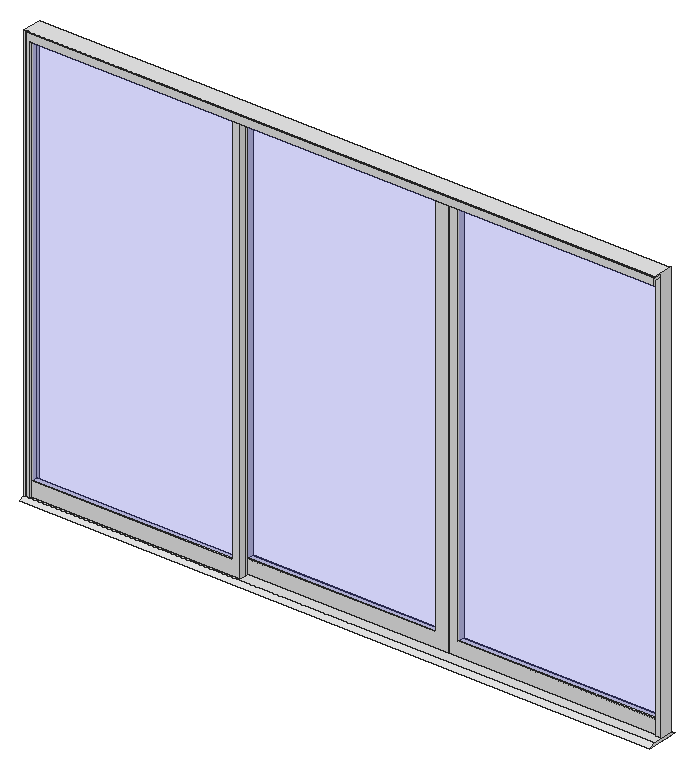
Revit family "Door-Sliding-Kawneer-1010_Mall_Front-OXO", category Doors, host Wall, Revit 2015
Parameters (values of type "12'x8' - 1" Glazing")
  Wall Thickness [instance] = 1' - 5"
  URL = "http://www.kawneer.com/kawneer/en/home.asp"
  Type Comments = "1\" Glazing"
  Threshold Material = Aluminum - Kawneer - Clear
  Threshold Height = 0' - 0 19/32"  # constant formula
  Thickness = 0' - 1 1/2"  # constant formula
  Shim Space = 0' - 0 1/4"
  Product data url = "https://bimobject.com/kawneerna/product/20681"
  Product Page URL = "http://www.kawneer.com/kawneer/north_america/en/bim.asp?prod_id=1846"
  Product Documentation Link = "http://www.kawneer.com/kawneer/north_america/en/product_related_doc.asp?prod_id=1846&doc_id=114"
  Percent Open [instance] = 0
  Panel Width Fixed = ((Width - 0' 0 3/16" - 0' 0 3/16") / 3) + 0' 0 13/16"  # 4' - 0 11/16"
  Panel Width = Width / 3  # 4' - 0"
  Panel Open Percent [instance] = if(Percent Open < 99, ((Panel Width Fixed - 0' 1 3/4") * ((100 - Percent Open) / 100)), Frame Jamb Width - 0' 0 3/16")  # 3' - 10 15/16"
  Panel Glazing Material [instance] = Glass - Kawneer - Clear
  Panel Finish [instance] = Aluminum - Kawneer - Clear
  Model = "1010 Sliding Mall Front"
  Manufacturer = "Kawneer"  # constant formula
  Intermediate Rail Height = 2' - 6"
  Height = 8' - 0"
  Has Intermediate Rail [instance] = no
  Glazing Thickness = 0' - 1"
  Function = Interior
  Frame Jamb Width = 0' - 1"  # constant formula
  Frame Inset [instance] = 0' - 0"
  Frame Head Width = 0' - 1 3/8"  # constant formula
  Frame Finish [instance] = Aluminum - Kawneer - Clear
  Wall Closure = By host
  Width = 12' - 0"
  Frame Depth = 0' - 4 17/32"  # constant formula
  Existing [instance] = no
  Description = "Sliding OXO"
  Copyright © = "2013 Kawneer"  # constant formula
  CTRL Wall Thickness [instance] = if(1 = 1, Wall Thickness, 1' 0")  # 1' - 5"
  CTRL Panel Height = Height - 0' 0 3/4" - Threshold Height  # 7' - 10 21/32"
  CTRL Panel Offset Left [instance] = if(1 = 1, Panel Width Fixed - 0' 1 3/4", 1' 0")  # 3' - 10 15/16"
  CTRL Offset [instance] = if(Frame Inset < 0' 0", Frame Inset - Frame Inset - Frame Inset, 0' 0")  # 0' - 0"
  CTRL Inset [instance] = if(Frame Inset < 0' 0", 0' 0", Frame Inset)  # 0' - 0"
  CTRL Frame Sides Depth [instance] = 0' - 2 15/32"  # constant formula
  Assembly Code = "C1020110"
  Appear In Schedule = 0 = 0  # yes
Types (3): name | Type Comments | Glazing Thickness
  (no name) | "1\" Glazing" | 0' - 1"
  12'x8' - 1/4" Glazing | "1/4\" Glazing" | 0' - 0 1/4"
  12'x8' - 1" Glazing | "1\" Glazing" | 0' - 1"
Reference planes (in)
  plane 1 "Center (Front/Back)": y = 0
  plane 2 "Bottom": z = 0
  plane 3 "Center (Left/Right)": x = 0
  plane 4 "Top": z = 96
  plane 5 "Strike": x = -72
  plane 6 "Hinge": x = 72
  plane 7 "Wall Edge Exterior": y = 8.5
  plane 8 "Wall Edge Interior": y = -8.5
  plane 9 "Frame Inset": y = -2.26562
  plane 10 "Frame Offset": y = 0
  plane 11 "Operating Panel 1 L": x = -24.875
  plane 12 "Fixed Panel Right": x = 71.8125
  plane 13 "Fixed Panel Center": y = -1.03125
  plane 14 "Opening Right": x = 72.25
  plane 15 "Opening Left": x = -72.25
  plane 16 "Frame Right": x = 71
  plane 17 "Frame Left": x = -71
  plane 18 "Frame Head": z = 94.625
  plane 19 "Frame Exterior": y = 2.26563
  plane 20 "Exterior Frame Depth": y = -0.20312
  plane 21 "Interior Frame Depth": y = 0.20313
  plane 22 "Lock Jamb Panel Center": y = -1.03125
  plane 23 "Active Panel Center F/B": y = 1.03125
  plane 24 "Threshold Height": z = 0.59375
  plane 25 "Threshold Exterior": y = 3.51563
  plane 26 "Threshold Interior": y = -3.51562
  plane 27 "Frame Center F/B": y = 0
  plane 28 "Fixed Panel Left": x = -71.8125
  plane 29 "Opening Top": z = 96.25
Forms (in)
  Sweep 1, solid, material "Aluminum - Kawneer - Clear" <- "Frame Finish"
    path origin (0, 0, 0) x (1, 0, 0) y (0, 0, 1)
      loop
        line (0, 0.59375) -> (0, 96)
    profile origin (0, 0, 48.29687) x (-1, 0, 0) y (0, -1, 0)
      loop
        line (71, -0.20313) -> (72, -0.20313) -> (72, 2.26562) -> (71, 2.26562) -> (71, 1.89062) -> (71.8125, 1.89062) -> (71.8125, 0.17187) -> (71, 0.17187) -> (71, -0.20313)
      loop
        line (-71, -2.26563) -> (-71, -1.89063) -> (-71.8125, -1.89063) -> (-71.8125, -0.17188) -> (-71, -0.17188) -> (-71, 0.20312) -> (-72, 0.20312) -> (-72, -2.26563) -> (-71, -2.26563)
  Sweep 2, solid, material "Aluminum - Kawneer - Clear" <- "Threshold Material"
    path origin (0, 0, 0) x (1, 0, 0) y (0, 0, 1)
      loop
        line (-72.25, 0.59375) -> (72.25, 0.59375)
    profile origin (0, 0, 0.59375) x (0, 0, 1) y (0, -1, 0)
      loop
        line (-0.59375, 3.51562) -> (-0.59375, -3.51563) -> (0, -2.26563) -> (0, 2.26562) -> (-0.59375, 3.51562)
  Sweep 3, solid, material "Aluminum - Kawneer - Clear" <- "Frame Finish"
    path origin (0, 0, 0) x (1, 0, 0) y (0, 0, 1)
      loop
        line (-72, 94.625) -> (72, 94.625)
    profile origin (0, 0, 94.625) x (0, 0, 1) y (0, -1, 0)
      loop
        line (-0.34375, 2.26562) -> (-0.34375, 1.89062) -> (0.625, 1.89062) -> (0.625, 0.20312) -> (0, 0.20312) -> (0, -0.17188) -> (0.625, -0.17188) -> (0.625, -1.89063) -> (0, -1.89063) -> (0, -2.26563) -> (1.375, -2.26563) -> (1.375, 2.26562) -> (-0.34375, 2.26562)
  Sweep 4, solid, material "Silicone - Kawneer - Gray"
    path origin (0, 0, 0) x (-1, 0, 0) y (0, 0, 1)
      loop
        line (72.25, 96) -> (-72.25, 96)
    profile "Shim-Kawneer-Profile-2D : Top" origin (0, 0, 96) x (0, 0, -1) y (0, 1, 0)
      loop
        line (-0.25, -2.25) -> (0, -2.125) -> (0, 2.125) -> (-0.25, 2.25) -> (-0.25, -2.25)
  Sweep 5, solid, material "Silicone - Kawneer - Gray"
    path origin (0, 1.03125, 0) x (-1, 0, 0) y (0, 0, 1)
      loop
        line (-72, 0) -> (-72, 96.25)
    profile "Shim-Kawneer-Profile-2D : Side" origin (72, 1.03125, 48.125) x (1, 0, 0) y (0, 1, 0)
      loop
        line (0.25, 1.35938) -> (0, 1.23438) -> (0, -1.23437) -> (0.25, -1.35937) -> (0.25, 1.35938)
  Sweep 6, solid, material "Silicone - Kawneer - Gray"
    path origin (0, -1.03125, 0) x (-1, 0, 0) y (0, 0, 1)
      loop
        line (72, 0) -> (72, 96.25)
    profile "Shim-Kawneer-Profile-2D : Side" origin (-72, -1.03125, 48.125) x (1, 0, 0) y (0, 1, 0)
      loop
        line (-0.25, 1.35938) -> (-0.25, -1.35937) -> (0, -1.23437) -> (0, 1.23438) -> (-0.25, 1.35938)
Cuts and joins
  joined: Sweep 1, Sweep 3
  joined: Sweep 4, Sweep 5, Sweep 6
Lines and regions (in)
  Opening 1
    outline origin (-60, -8.5, 0) x (1, 0, 0) y (0, 0, 1)
      loop
        line (-12.25, 96.25) -> (-12.25, 0) -> (132.25, 0) -> (132.25, 96.25) -> (-12.25, 96.25)
  Masking region 1, detail levels medium+fine
    outline origin (0, 0, 0.59375) x (-1, 0, 0) y (0, -1, 0)
      loop
        line (-71, -2.26563) -> (-71, -1.89063) -> (-71.8125, -1.89063) -> (-71.8125, -0.17188) -> (-71, -0.17188) -> (-71, 0.20312) -> (-72, 0.20312) -> (-72, -2.26563) -> (-71, -2.26563)
      loop
        line (71, -0.20313) -> (72, -0.20313) -> (72, 2.26562) -> (71, 2.26562) -> (71, 1.89062) -> (71.8125, 1.89062) -> (71.8125, 0.17187) -> (71, 0.17187) -> (71, -0.20313)
  Masking region 2, detail levels coarse
    outline origin (-0.8125, -0.08398, 0.59375) x (-1, 0, 0) y (0, -1, 0)
      loop
        line (70.1875, -0.2871) -> (71.1875, -0.2871) -> (71.1875, 2.18165) -> (70.1875, 2.18165) -> (70.1875, -0.2871)
      loop
        line (-71.8125, -2.3496) -> (-71.8125, 0.11915) -> (-72.8125, 0.11915) -> (-72.8125, -2.3496) -> (-71.8125, -2.3496)
  Masking region 3
    outline origin (-1.48472, -0.2871, 0.59375) x (-1, 0, 0) y (0, -1, 0)
      loop
        line (70.51528, -0.49023) -> (70.76528, -0.49023) -> (70.76528, 1.97852) -> (70.51528, 1.97852) -> (70.51528, -0.49023)
      loop
        line (-73.48472, -2.55273) -> (-73.48472, -0.08398) -> (-73.73472, -0.08398) -> (-73.73472, -2.55273) -> (-73.48472, -2.55273)
Text (in)
  text "EXTERIOR" at (-58.6888, 50.90694, 0), in view "Ref. Level"
  text "INTERIOR" at (-58.6888, -37.76638, 0), in view "Ref. Level"
  text "Exterior" at (0, 43.65631, 123.19604), in view "Left"
  text "Exterior" at (0, 18.29385, 125.04747), in view "Right"
Dimensions and locks (in)
  "Width": plane 5 "Strike" to plane 6 "Hinge"
  locked: plane 7 "Wall Edge Exterior" to host wall at 0
  "Wall Thickness": host wall to host wall
  "CTRL Wall Thickness": plane 7 "Wall Edge Exterior" to plane 8 "Wall Edge Interior"
  equal spacing: host wall, plane 1 "Center (Front/Back)", host wall
  equal spacing: plane 5 "Strike", plane 3 "Center (Left/Right)", plane 6 "Hinge"
  "Height": plane 4 "Top" to plane 2 "Bottom"
  "CTRL Offset": plane 10 "Frame Offset" to plane 1 "Center (Front/Back)"
  "Shim Space": plane 6 "Hinge" to plane 14 "Opening Right"
  "Shim Space": plane 15 "Opening Left" to plane 5 "Strike"
  "Frame Jamb Width": plane 5 "Strike" to plane 17 "Frame Left"
  "Frame Jamb Width": plane 16 "Frame Right" to plane 6 "Hinge"
  "Frame Head Width": plane 4 "Top" to plane 18 "Frame Head"
  "Frame Depth": plane 19 "Frame Exterior" to plane 9 "Frame Inset"
  "CTRL Frame Sides Depth": plane 19 "Frame Exterior" to plane 20 "Exterior Frame Depth"
  "CTRL Frame Sides Depth": plane 21 "Interior Frame Depth" to plane 9 "Frame Inset"
  equal spacing: plane 21 "Interior Frame Depth", plane 13 "Fixed Panel Center", plane 9 "Frame Inset"
  locked: plane 23 "Active Panel Center F/B" to plane 22 "Lock Jamb Panel Center" at 2.0625
  equal spacing: plane 19 "Frame Exterior", plane 23 "Active Panel Center F/B", plane 20 "Exterior Frame Depth"
  "Threshold Height": plane 24 "Threshold Height" to plane 2 "Bottom"
  locked: plane 9 "Frame Inset" to plane 26 "Threshold Interior" at 1.25
  locked: plane 25 "Threshold Exterior" to plane 19 "Frame Exterior" at 1.25
  locked: Sweep 3 sketch curve to plane 4 "Top" at 1.71875
  locked: plane 12 "Fixed Panel Right" to plane 6 "Hinge" at 0.1875
  "CTRL Inset": plane 10 "Frame Offset" to plane 27 "Frame Center F/B"
  equal spacing: plane 19 "Frame Exterior", plane 27 "Frame Center F/B", plane 9 "Frame Inset"
  locked: plane 5 "Strike" to plane 28 "Fixed Panel Left" at 0.1875
  "Panel Open Percent": plane 28 "Fixed Panel Left" to plane 11 "Operating Panel 1 L"
  locked: Sweep 3 sketch curve to Sweep 3 sketch curve at 0.375
  locked: Sweep 3 sketch curve to plane 4 "Top" at 0.75
  locked: Masking region 1 sketch curve to plane 21 "Interior Frame Depth" at 0.375
  locked: Masking region 1 sketch curve to plane 9 "Frame Inset" at 0.375
  locked: plane 21 "Interior Frame Depth" to Sweep 1 sketch curve at 0.375
  locked: Sweep 1 sketch curve to plane 9 "Frame Inset" at 0.375
  locked: Masking region 1 sketch curve to plane 20 "Exterior Frame Depth" at 0.375
  locked: plane 19 "Frame Exterior" to Masking region 1 sketch curve at 0.375
  locked: Sweep 1 sketch curve to plane 20 "Exterior Frame Depth" at 0.375
  locked: plane 19 "Frame Exterior" to Sweep 1 sketch curve at 0.375
  locked: Sweep 3 sketch curve to Sweep 3 sketch curve at 1.71875
  locked: Sweep 3 sketch curve to plane 19 "Frame Exterior" at 0.375
  "Shim Space": plane 29 "Opening Top" to plane 4 "Top"
  aligned and locked: level to plane 2 "Bottom"
  aligned and locked: Opening 1 sketch curve to plane 15 "Opening Left"
  aligned and locked: Opening 1 sketch curve to plane 14 "Opening Right"
  aligned and locked: Opening 1 sketch curve to plane 2 "Bottom"
  aligned and locked: plane 3 "Center (Left/Right)" to Sweep 1 sketch curve
  aligned and locked: plane 24 "Threshold Height" to Sweep 1 sketch curve
  aligned and locked: Sweep 2 sketch curve to plane 24 "Threshold Height"  (x2)
  aligned and locked: plane 2 "Bottom" to Sweep 2 sketch curve
  aligned and locked: plane 25 "Threshold Exterior" to Sweep 2 sketch curve
  aligned and locked: plane 19 "Frame Exterior" to Sweep 2 sketch curve
  aligned and locked: plane 26 "Threshold Interior" to Sweep 2 sketch curve
  aligned and locked: plane 9 "Frame Inset" to Sweep 2 sketch curve
  aligned and locked: plane 6 "Hinge" to Sweep 3 sketch curve
  aligned and locked: plane 5 "Strike" to Sweep 3 sketch curve
  aligned and locked: Sweep 3 sketch curve to plane 18 "Frame Head"
  aligned and locked: plane 4 "Top" to Sweep 3 sketch curve
  aligned and locked: plane 9 "Frame Inset" to Sweep 3 sketch curve
  aligned and locked: Sweep 3 sketch curve to plane 19 "Frame Exterior"
  aligned and locked: plane 18 "Frame Head" to Sweep 3 sketch curve  (x2)
  aligned and locked: plane 4 "Top" to Sweep 1 sketch curve
  aligned and locked: nested 1 to plane 12 "Fixed Panel Right"
  aligned and locked: plane 5 "Strike" to Masking region 1 sketch curve
  aligned and locked: Masking region 1 sketch curve to plane 17 "Frame Left"  (x2)
  aligned and locked: plane 16 "Frame Right" to Masking region 1 sketch curve  (x2)
  aligned and locked: Masking region 2 sketch curve to plane 17 "Frame Left"
  aligned and locked: plane 5 "Strike" to Masking region 2 sketch curve
  aligned and locked: Masking region 2 sketch curve to plane 6 "Hinge"
  aligned and locked: plane 16 "Frame Right" to Masking region 2 sketch curve
  aligned and locked: Masking region 1 sketch curve to plane 6 "Hinge"
  aligned and locked: Masking region 1 sketch curve to plane 12 "Fixed Panel Right"
  aligned and locked: nested 3 to plane 28 "Fixed Panel Left"
  aligned and locked: plane 11 "Operating Panel 1 L" to nested 2
  aligned and locked: Sweep 3 sketch curve to Sweep 3 sketch curve
  aligned and locked: nested 2 to plane 23 "Active Panel Center F/B"
  aligned and locked: nested 3 to plane 22 "Lock Jamb Panel Center"
  aligned and locked: Masking region 2 sketch curve to plane 9 "Frame Inset"
  aligned and locked: plane 21 "Interior Frame Depth" to Masking region 2 sketch curve
  aligned and locked: Masking region 1 sketch curve to plane 9 "Frame Inset"
  aligned and locked: plane 21 "Interior Frame Depth" to Masking region 1 sketch curve
  aligned and locked: plane 28 "Fixed Panel Left" to Masking region 1 sketch curve
  aligned and locked: Sweep 1 sketch curve to plane 6 "Hinge"
  aligned and locked: Sweep 1 sketch curve to plane 12 "Fixed Panel Right"
  aligned and locked: plane 16 "Frame Right" to Sweep 1 sketch curve  (x2)
  aligned and locked: plane 21 "Interior Frame Depth" to Sweep 1 sketch curve
  aligned and locked: plane 5 "Strike" to Sweep 1 sketch curve
  aligned and locked: Sweep 1 sketch curve to plane 9 "Frame Inset"
  aligned and locked: Sweep 1 sketch curve to plane 17 "Frame Left"  (x2)
  aligned and locked: plane 28 "Fixed Panel Left" to Sweep 1 sketch curve
  aligned and locked: plane 20 "Exterior Frame Depth" to Masking region 2 sketch curve
  aligned and locked: Masking region 2 sketch curve to plane 19 "Frame Exterior"
  aligned and locked: Masking region 1 sketch curve to plane 19 "Frame Exterior"
  aligned and locked: plane 20 "Exterior Frame Depth" to Masking region 1 sketch curve
  aligned and locked: Sweep 1 sketch curve to plane 19 "Frame Exterior"
  aligned and locked: plane 20 "Exterior Frame Depth" to Sweep 1 sketch curve
  aligned and locked: nested 1 to plane 23 "Active Panel Center F/B"
  aligned and locked: Opening 1 sketch curve to plane 29 "Opening Top"
  aligned and locked: plane 4 "Top" to Sweep 4 sketch curve
  aligned and locked: plane 15 "Opening Left" to Sweep 4 sketch curve
  aligned and locked: plane 14 "Opening Right" to Sweep 4 sketch curve
  aligned and locked: plane 29 "Opening Top" to Sweep 5 sketch curve
  aligned and locked: Sweep 5 sketch curve to plane 2 "Bottom"
  aligned and locked: plane 6 "Hinge" to Sweep 5 sketch curve
  aligned and locked: Sweep 6 sketch curve to plane 5 "Strike"
  aligned and locked: plane 2 "Bottom" to Sweep 6 sketch curve
  aligned and locked: plane 29 "Opening Top" to Sweep 6 sketch curve
  aligned and locked: plane 14 "Opening Right" to Sweep 2 sketch curve
  aligned and locked: plane 15 "Opening Left" to Sweep 2 sketch curve
  aligned and locked: plane 21 "Interior Frame Depth" to Masking region 3 sketch curve
  aligned and locked: Masking region 3 sketch curve to plane 9 "Frame Inset"
  aligned and locked: Masking region 3 sketch curve to plane 5 "Strike"
  aligned and locked: plane 15 "Opening Left" to Masking region 3 sketch curve
  aligned and locked: Masking region 3 sketch curve to plane 14 "Opening Right"
  aligned and locked: Masking region 3 sketch curve to plane 19 "Frame Exterior"
  aligned and locked: plane 20 "Exterior Frame Depth" to Masking region 3 sketch curve
  aligned and locked: plane 6 "Hinge" to Masking region 3 sketch curve
Automatic sketch dimensions
  Sweep 3 sketch curve to Sweep 3 sketch curve = 0' - 0 3/8"
  Masking region 1 sketch curve to plane 12 "Fixed Panel Right" = 0' - 0"
Nested families (in)
  nested 1: "Panel-Sliding-Kawneer-1010" at (47.46875, 1.03125, 0.59375), built-in parameter 1001364 <- "Threshold Height", Height <- "CTRL Panel Height", Width <- "Panel Width Fixed", Has Intermediate Rail <- "Has Intermediate Rail", Panel Material <- "Panel Finish", Glazing Material <- "Panel Glazing Material", Thickness <- "Thickness", Rail Intermediate Height <- "Intermediate Rail Height", Glazing Thickness <- "Glazing Thickness", type "2" Stile - Fixed Jamb"
    with Width 4' - 0 11/16", Thickness 0' - 1 1/2", Rail Intermediate Height 2' - 6", Panel Material Aluminum - Kawneer - Clear, Opens Right no, Opens Left no, Height 7' - 10 21/32", Has Intermediate Rail no, Glazing Thickness 0' - 1", Glazing Material Glass - Kawneer - Clear, CTRL Rail Intermediate Height 2' - 6", CTRL Rail Intermediate 0' - 0", CTRL Open Arrow no, Stile Right 0' - 0 13/16", Stile Left 0' - 2 1/16", Rail Head 0' - 1 1/8", Rail Bottom 0' - 3 1/4"
  nested 2: "Panel-Sliding-Kawneer-1010" at (-0.875, 1.03125, 0.59375), built-in parameter 1001364 <- "Threshold Height", Height <- "CTRL Panel Height", Width <- "Panel Width", Has Intermediate Rail <- "Has Intermediate Rail", Panel Material <- "Panel Finish", Glazing Material <- "Panel Glazing Material", Thickness <- "Thickness", Rail Intermediate Height <- "Intermediate Rail Height", Glazing Thickness <- "Glazing Thickness", type "L-F Interlock - 3" Stile"
    with Width 4' - 0", Thickness 0' - 1 1/2", Rail Intermediate Height 2' - 6", Panel Material Aluminum - Kawneer - Clear, Opens Right no, Opens Left yes, Height 7' - 10 21/32", Has Intermediate Rail no, Glazing Thickness 0' - 1", Glazing Material Glass - Kawneer - Clear, CTRL Rail Intermediate Height 2' - 6", CTRL Rail Intermediate 0' - 0", CTRL Open Arrow yes, Stile Right 0' - 3 1/16", Rail Head 0' - 1 1/8", Rail Bottom 0' - 3 1/4", Has Interlock Front Left yes
  nested 3: "Panel-Sliding-Kawneer-1010" at (-47.46875, -1.03125, 0.59375), built-in parameter 1001364 <- "Threshold Height", Height <- "CTRL Panel Height", Width <- "Panel Width Fixed", Has Intermediate Rail <- "Has Intermediate Rail", Panel Material <- "Panel Finish", Glazing Material <- "Panel Glazing Material", Thickness <- "Thickness", Rail Intermediate Height <- "Intermediate Rail Height", Glazing Thickness <- "Glazing Thickness", type "Fixed Jamb - R-B Interlock"
    with Width 4' - 0 11/16", Thickness 0' - 1 1/2", Rail Intermediate Height 2' - 6", Panel Material Aluminum - Kawneer - Clear, Opens Right no, Opens Left no, Height 7' - 10 21/32", Has Intermediate Rail no, Glazing Thickness 0' - 1", Glazing Material Glass - Kawneer - Clear, CTRL Rail Intermediate Height 2' - 6", CTRL Rail Intermediate 0' - 0", CTRL Open Arrow no, Stile Left 0' - 0 13/16", Rail Head 0' - 1 1/8", Rail Bottom 0' - 3 1/4", Has Interlock Back Right yes
Definition of nested family "Panel-Sliding-Kawneer-1010"
  Parameters
    Width [instance] = 3' - 0"
    Thickness [instance] = 0' - 1 1/2"
    Stile Right = 0' - 1 3/4"
    Stile Left = 0' - 1 3/4"
    Rail Intermediate Height [instance] = 2' - 6"
    Rail Intermediate = 0' - 1 3/4"
    Rail Head = 0' - 3"
    Rail Bottom = 0' - 7"
    Panel Material [instance] = none
    Opens Right [instance] = no
    Opens Left [instance] = no
    Manufacturer = "Kawneer"  # constant formula
    Height [instance] = 7' - 0"
    Has Intermediate Rail [instance] = no
    Has Interlock Front Right = no
    Has Interlock Front Left = no
    Has Interlock Back Right = no
    Has Interlock Back Left = no
    Glazing Thickness [instance] = 0' - 0 1/4"
    Glazing Material [instance] = none
    Description = "Storefront Mall Sliding 1010 Panel"  # constant formula
    CTRL Rail Intermediate Height [instance] = if(Height < Rail Intermediate Height, Height / 2, Rail Intermediate Height)  # 2' - 6"
    CTRL Rail Intermediate [instance] = if(Has Intermediate Rail, Rail Intermediate, 0' 0")  # 0' - 0"
    CTRL Open Arrow [instance] = or(Opens Right, Opens Left)  # no
  Reference planes (in)
    plane 1 "Center (Front/Back)": y = 0
    plane 2 "Original Bottom": z = 0
    plane 3 "Center (Left/Right)": x = 0
    plane 4 "Back": y = 0.75
    plane 5 "Front": y = -0.75
    plane 6 "Left": x = -18
    plane 7 "Right": x = 18
    plane 8: z = 84
    plane 9 "Left Stile R": x = -16.25
    plane 10 "Right Stile L": x = 16.25
    plane 11 "Head Rail B": z = 81
    plane 12 "Bottom Rail T": z = 7
    plane 13 "Glazing Back": y = 0.125
    plane 14 "Glazing Front": y = -0.125
    plane 15 "Interlock Front": y = -1.25
    plane 16 "Interlock Back": y = 1.25
    plane 17 "Right Interlock Center": x = 17.125
    plane 18 "Left Interlock Center": x = -17.125
    plane 19 "Intermediate Top": z = 31.75
    plane 20 "Intermediate Glass Top": z = 31.75
    plane 21 "Intermediate Bottom": z = 30
    plane 22 "Center Elevation": z = 42
  Forms (in)
    Sweep 1, solid, material <- "Panel Material"
      path origin (0, 0, 0) x (1, 0, 0) y (0, 1, 0)
        loop
          line (0, -0.75) -> (0, 0.75)
      profile origin (0, 0, 0) x (-1, 0, 0) y (0, 0, 1)
        loop
          line (18, 84) -> (-18, 84) -> (-18, 0) -> (18, 0) -> (18, 84)
        loop
          line (16.25, 81) -> (-16.25, 81) -> (-16.25, 7) -> (16.25, 7) -> (16.25, 81)
    Extrusion 2, solid, material <- "Glazing Material"
      sketch origin (0, 0, 0) x (1, 0, 0) y (0, 0, 1)
        loop
          line (-16.25, 81) -> (-16.25, 31.75) -> (16.25, 31.75) -> (16.25, 81) -> (-16.25, 81)
      from -0.125 to 0.125
    Sweep 3, solid, material <- "Panel Material", visible <- "Has Interlock Back Right", detail levels medium+fine
      path origin (0, 0.75, 0) x (-1, 0, 0) y (0, 0, 1)
        loop
          line (-17.125, 0) -> (-17.125, 84)
      profile origin (17.125, 0.75, 42) x (1, 0, 0) y (0, 1, 0)
        loop
          line (0, 0.5) -> (0, 0) -> (0.875, 0) -> (0.875, 0.5) -> (0, 0.5)
    Sweep 4, solid, material <- "Panel Material", visible <- "Has Interlock Back Left", detail levels medium+fine
      path origin (0, 0.75, 0) x (1, 0, 0) y (0, 0, 1)
        loop
          line (-17.125, 0) -> (-17.125, 84)
      profile origin (-17.125, 0.75, 42) x (1, 0, 0) y (0, 1, 0)
        loop
          line (0, 0.5) -> (-0.875, 0.5) -> (-0.875, 0) -> (0, 0) -> (0, 0.5)
    Sweep 5, solid, material <- "Panel Material", visible <- "Has Interlock Front Left", detail levels medium+fine
      path origin (0, -0.75, 0) x (-1, 0, 0) y (0, 0, 1)
        loop
          line (17.125, 0) -> (17.125, 84)
      profile origin (-17.125, -0.75, 42) x (1, 0, 0) y (0, 1, 0)
        loop
          line (-0.875, 0) -> (-0.875, -0.5) -> (0, -0.5) -> (0, 0) -> (-0.875, 0)
    Sweep 6, solid, material <- "Panel Material", visible <- "Has Interlock Front Right", detail levels medium+fine
      path origin (0, -0.75, 0) x (1, 0, 0) y (0, 0, 1)
        loop
          line (17.125, 0) -> (17.125, 84)
      profile origin (17.125, -0.75, 42) x (1, 0, 0) y (0, 1, 0)
        loop
          line (0.875, 0) -> (0, 0) -> (0, -0.5) -> (0.875, -0.5) -> (0.875, 0)
    Extrusion 7, solid, material <- "Glazing Material"
      sketch origin (-1, 0, -39) x (1, 0, 0) y (0, 0, 1)
        loop
          line (-15.25, 70.75) -> (-15.25, 46) -> (17.25, 46) -> (17.25, 70.75) -> (-15.25, 70.75)
      from -0.125 to 0.125
    Sweep 8, solid, material <- "Panel Material", visible <- "Has Intermediate Rail"
      path origin (0, 0, 0) x (1, 0, 0) y (0, 0, 1)
        loop
          line (-16.25, 31.75) -> (16.25, 31.75)
      profile origin (0, 0, 31.75) x (0, 0, 1) y (0, -1, 0)
        loop
          line (0, 0.75) -> (-1.75, 0.75) -> (-1.75, -0.75) -> (0, -0.75) -> (0, 0.75)
  Cuts and joins
    joined: Extrusion 2, Extrusion 7
  Lines and regions (in)
    Masking region 1
      outline origin (0, 0, 7) x (-1, 0, 0) y (0, -1, 0)
        loop
          line (18, -0.75) -> (18, 0.75) -> (16.25, 0.75) -> (16.25, -0.75) -> (18, -0.75)
        loop
          line (-16.25, -0.75) -> (-16.25, 0.75) -> (-18, 0.75) -> (-18, -0.75) -> (-16.25, -0.75)
    Masking region 2
      outline origin (0, 0, 7) x (-1, 0, 0) y (0, -1, 0)
        loop
          line (16.25, -0.75) -> (16.25, 0.75) -> (-16.25, 0.75) -> (-16.25, -0.75) -> (16.25, -0.75)
    Masking region 3, detail levels fine
      outline origin (0, 0, 7) x (-1, 0, 0) y (0, -1, 0)
        loop
          line (16.25, -0.125) -> (16.25, 0.125) -> (-16.25, 0.125) -> (-16.25, -0.125) -> (16.25, -0.125)
    Masking region 4, visible <- "Has Interlock Back Left", detail levels medium+fine
      outline origin (0, 0, 7) x (-1, 0, 0) y (0, -1, 0)
        loop
          line (18, -1.25) -> (18, -0.75) -> (17.125, -0.75) -> (17.125, -1.25) -> (18, -1.25)
    Masking region 5, visible <- "Has Interlock Back Right", detail levels medium+fine
      outline origin (0, 0, 7) x (0, -1, 0) y (1, 0, 0)
        loop
          line (-1.25, 18) -> (-1.25, 17.125) -> (-0.75, 17.125) -> (-0.75, 18) -> (-1.25, 18)
    Masking region 6, visible <- "Has Interlock Front Right", detail levels medium+fine
      outline origin (0, 0, 7) x (1, 0, 0) y (0, 1, 0)
        loop
          line (18, -1.25) -> (18, -0.75) -> (17.125, -0.75) -> (17.125, -1.25) -> (18, -1.25)
    Masking region 7, visible <- "Has Interlock Front Left", detail levels medium+fine
      outline origin (0, 0, 7) x (0, 1, 0) y (-1, 0, 0)
        loop
          line (-1.25, 18) -> (-1.25, 17.125) -> (-0.75, 17.125) -> (-0.75, 18) -> (-1.25, 18)
    symbolic lines, detail levels coarse+medium
      curve 1: line (-16.25, 0, 7) -> (16.25, 0, 7)
    model lines, visible <- "CTRL Open Arrow", detail levels medium+fine
      curve 2: line (-4, -0.125, 42) -> (4, -0.125, 42)
      curve 7: line (-4, 0.125, 42) -> (4, 0.125, 42)
    model lines, visible <- "Opens Right", detail levels medium+fine
      curve 3: line (2.58579, -0.125, 43.41421) -> (4, -0.125, 42)
      curve 4: line (2.58579, -0.125, 40.58579) -> (4, -0.125, 42)
      curve 8: line (2.58579, 0.125, 43.41421) -> (4, 0.125, 42)
      curve 9: line (2.58579, 0.125, 40.58579) -> (4, 0.125, 42)
    model lines, visible <- "Opens Left", detail levels medium+fine
      curve 5: line (-2.58579, -0.125, 43.41421) -> (-4, -0.125, 42)
      curve 6: line (-2.58579, -0.125, 40.58579) -> (-4, -0.125, 42)
      curve 10: line (-2.58579, 0.125, 43.41421) -> (-4, 0.125, 42)
      curve 11: line (-2.58579, 0.125, 40.58579) -> (-4, 0.125, 42)
  Dimensions and locks (in)
    "Thickness": plane 4 "Back" to plane 5 "Front"
    equal spacing: plane 4 "Back", plane 1 "Center (Front/Back)", plane 5 "Front"
    "Height": plane 8 to plane 2 "Original Bottom"
    equal spacing: plane 6 "Left", plane 3 "Center (Left/Right)", plane 7 "Right"
    "Width": plane 6 "Left" to plane 7 "Right"
    "Stile Left": plane 6 "Left" to plane 9 "Left Stile R"
    "Stile Right": plane 10 "Right Stile L" to plane 7 "Right"
    "Rail Bottom": plane 12 "Bottom Rail T" to plane 2 "Original Bottom"
    "Rail Head": plane 8 to plane 11 "Head Rail B"
    equal spacing: plane 13 "Glazing Back", plane 1 "Center (Front/Back)", plane 14 "Glazing Front"
    "Glazing Thickness": plane 13 "Glazing Back" to plane 14 "Glazing Front"
    locked: plane 5 "Front" to plane 15 "Interlock Front" at 0.5
    locked: plane 16 "Interlock Back" to plane 4 "Back" at 0.5
    equal spacing: plane 7 "Right", plane 17 "Right Interlock Center", plane 10 "Right Stile L"
    equal spacing: plane 6 "Left", plane 18 "Left Interlock Center", plane 9 "Left Stile R"
    "CTRL Rail Intermediate": plane 19 "Intermediate Top" to plane 20 "Intermediate Glass Top"
    "Rail Intermediate": plane 19 "Intermediate Top" to plane 21 "Intermediate Bottom"
    "CTRL Rail Intermediate Height": plane 21 "Intermediate Bottom" to plane 2 "Original Bottom"
    equal spacing: plane 8, plane 22 "Center Elevation", plane 2 "Original Bottom"
    equal spacing: curve 2, plane 3 "Center (Left/Right)", curve 2, locked at 4 each
    curve 3 to curve 3 = 0' - 1.41421"
    equal spacing: curve 3, plane 22 "Center Elevation", curve 4, locked at 1.41421 each
    curve 5 to plane 22 "Center Elevation" to curve 6 = 0' - 1.41421" locked, 0' - 1.41421" locked
    curve 7 to curve 7 = 0' - 8"
    equal spacing: curve 7, plane 3 "Center (Left/Right)", curve 7, locked at 4 each
    equal spacing: curve 8, plane 22 "Center Elevation", curve 9, locked at 1.41421 each
    equal spacing: curve 10, plane 22 "Center Elevation", curve 11, locked at 1.41421 each
    aligned and locked: plane 2 "Original Bottom" to level
    aligned and locked: plane 4 "Back" to Sweep 1 sketch curve
    aligned and locked: plane 5 "Front" to Sweep 1 sketch curve
    aligned and locked: plane 3 "Center (Left/Right)" to Sweep 1 sketch curve
    aligned and locked: plane 2 "Original Bottom" to Sweep 1 sketch curve
    aligned and locked: Sweep 1 sketch curve to plane 7 "Right"
    aligned and locked: Sweep 1 sketch curve to plane 8
    aligned and locked: Sweep 1 sketch curve to plane 6 "Left"
    aligned and locked: Sweep 1 sketch curve to plane 11 "Head Rail B"
    aligned and locked: Sweep 1 sketch curve to plane 9 "Left Stile R"
    aligned and locked: plane 12 "Bottom Rail T" to Sweep 1 sketch curve
    aligned and locked: plane 10 "Right Stile L" to Sweep 1 sketch curve
    aligned and locked: plane 10 "Right Stile L" to Extrusion 2 sketch curve
    aligned and locked: Extrusion 2 sketch curve to plane 9 "Left Stile R"
    aligned and locked: Extrusion 2 sketch curve to plane 11 "Head Rail B"
    aligned and locked: plane 13 "Glazing Back" to Extrusion 2
    aligned and locked: Extrusion 2 to plane 14 "Glazing Front"
    aligned and locked: plane 8 to Sweep 3 sketch curve
    aligned and locked: plane 2 "Original Bottom" to Sweep 3 sketch curve
    aligned and locked: plane 17 "Right Interlock Center" to Sweep 3 sketch curve  (x2)
    aligned and locked: Sweep 3 sketch curve to plane 7 "Right"
    aligned and locked: profile plane to Sweep 3 sketch curve
    aligned and locked: Sweep 3 sketch curve to plane 16 "Interlock Back"
    aligned and locked: plane 8 to Sweep 4 sketch curve
    aligned and locked: Sweep 4 sketch curve to plane 18 "Left Interlock Center"  (x2)
    aligned and locked: plane 2 "Original Bottom" to Sweep 4 sketch curve
    aligned and locked: plane 16 "Interlock Back" to Sweep 4 sketch curve
    aligned and locked: plane 6 "Left" to Sweep 4 sketch curve
    aligned and locked: Sweep 4 sketch curve to plane 4 "Back"
    aligned and locked: Sweep 5 sketch curve to plane 6 "Left"
    aligned and locked: plane 15 "Interlock Front" to Sweep 5 sketch curve
    aligned and locked: Sweep 5 sketch curve to plane 5 "Front"
    aligned and locked: plane 18 "Left Interlock Center" to Sweep 5 sketch curve
    aligned and locked: Sweep 5 sketch curve to plane 18 "Left Interlock Center"
    aligned and locked: plane 8 to Sweep 5 sketch curve
    aligned and locked: plane 2 "Original Bottom" to Sweep 5 sketch curve
    aligned and locked: plane 7 "Right" to Sweep 6 sketch curve
    aligned and locked: Sweep 6 sketch curve to plane 15 "Interlock Front"
    aligned and locked: plane 5 "Front" to Sweep 6 sketch curve
    aligned and locked: Sweep 6 sketch curve to plane 17 "Right Interlock Center"
    aligned and locked: plane 2 "Original Bottom" to Sweep 6 sketch curve
    aligned and locked: plane 8 to Sweep 6 sketch curve
    aligned and locked: plane 17 "Right Interlock Center" to Sweep 6 sketch curve
    aligned and locked: plane 19 "Intermediate Top" to Extrusion 2 sketch curve
    aligned and locked: Extrusion 7 sketch curve to plane 20 "Intermediate Glass Top"
    aligned and locked: plane 12 "Bottom Rail T" to Extrusion 7 sketch curve
    aligned and locked: plane 10 "Right Stile L" to Extrusion 7 sketch curve
    aligned and locked: Extrusion 7 sketch curve to plane 9 "Left Stile R"
    aligned and locked: plane 9 "Left Stile R" to Sweep 8 sketch curve
    aligned and locked: plane 10 "Right Stile L" to Sweep 8 sketch curve
    aligned and locked: Sweep 8 sketch curve to plane 19 "Intermediate Top"  (x2)
    aligned and locked: plane 21 "Intermediate Bottom" to Sweep 8 sketch curve
    aligned and locked: Sweep 8 sketch curve to plane 4 "Back"
    aligned and locked: plane 5 "Front" to Sweep 8 sketch curve
    aligned and locked: Masking region 1 sketch curve to plane 7 "Right"
    aligned and locked: Masking region 1 sketch curve to plane 10 "Right Stile L"
    aligned and locked: Masking region 1 sketch curve to plane 4 "Back"  (x2)
    aligned and locked: plane 5 "Front" to Masking region 1 sketch curve  (x2)
    aligned and locked: plane 9 "Left Stile R" to Masking region 1 sketch curve
    aligned and locked: Masking region 1 sketch curve to plane 6 "Left"
    aligned and locked: Masking region 2 sketch curve to plane 4 "Back"
    aligned and locked: plane 5 "Front" to Masking region 2 sketch curve
    aligned and locked: Masking region 2 sketch curve to plane 9 "Left Stile R"
    aligned and locked: plane 10 "Right Stile L" to Masking region 2 sketch curve
    aligned and locked: Masking region 3 sketch curve to plane 13 "Glazing Back"
    aligned and locked: Masking region 3 sketch curve to plane 9 "Left Stile R"
    aligned and locked: plane 10 "Right Stile L" to Masking region 3 sketch curve
    aligned and locked: plane 14 "Glazing Front" to Masking region 3 sketch curve
    aligned and locked: plane 9 "Left Stile R" to curve 1
    aligned and locked: plane 10 "Right Stile L" to curve 1
    aligned and locked: plane 1 "Center (Front/Back)" to curve 1
    aligned and locked: Masking region 4 sketch curve to plane 6 "Left"
    aligned and locked: plane 4 "Back" to Masking region 4 sketch curve
    aligned and locked: plane 18 "Left Interlock Center" to Masking region 4 sketch curve
    aligned and locked: Masking region 4 sketch curve to plane 16 "Interlock Back"
    aligned and locked: plane 7 "Right" to Masking region 5 sketch curve
    aligned and locked: plane 16 "Interlock Back" to Masking region 5 sketch curve
    aligned and locked: Masking region 5 sketch curve to plane 4 "Back"
    aligned and locked: Masking region 5 sketch curve to plane 17 "Right Interlock Center"
    aligned and locked: plane 15 "Interlock Front" to Masking region 6 sketch curve
    aligned and locked: plane 17 "Right Interlock Center" to Masking region 6 sketch curve
    aligned and locked: Masking region 6 sketch curve to plane 7 "Right"
    aligned and locked: Masking region 6 sketch curve to plane 5 "Front"
    aligned and locked: plane 13 "Glazing Back" to cut or joined group of Extrusion 2, Extrusion 7
    aligned and locked: cut or joined group of Extrusion 2, Extrusion 7 to plane 14 "Glazing Front"
    aligned and locked: plane 6 "Left" to Masking region 7 sketch curve
    aligned and locked: Masking region 7 sketch curve to plane 15 "Interlock Front"
    aligned and locked: Masking region 7 sketch curve to plane 18 "Left Interlock Center"
    aligned and locked: plane 5 "Front" to Masking region 7 sketch curve
    aligned and locked: plane 22 "Center Elevation" to curve 3
    aligned and locked: curve 7 to plane 22 "Center Elevation"
    aligned and locked: plane 22 "Center Elevation" to curve 9
  Automatic sketch dimensions
    plane 3 "Center (Left/Right)" to curve 2 = 0' - 4"
    curve 4 to plane 22 "Center Elevation" = 0' - 1.41421"
    curve 5 to curve 2 = 0' - 1.41421"
    curve 2 to curve 3 = 0' - 1.41421"
    plane 3 "Center (Left/Right)" to curve 7 = 0' - 4"
    plane 22 "Center Elevation" to curve 8 = 0' - 1.41421"
    curve 7 to curve 8 = 0' - 1.41421"
    curve 11 to curve 7 = 0' - 1.41421"
    curve 11 to plane 22 "Center Elevation" = 0' - 1.41421"
